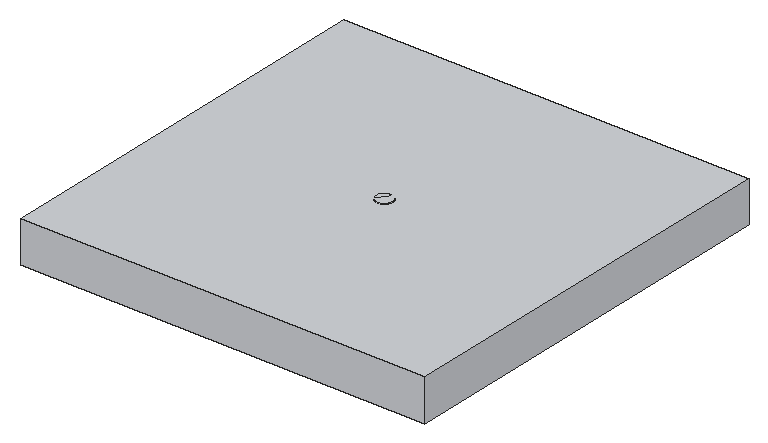
Revit family "M_Round Face Opening Solid", category Generic Models, host Face, Revit 2022
Family settings
  Host = Face
  Can host rebar = No
  Round Connector Dimension = Use Diameter
  Part Type = Normal
  OmniClass Number = 23.30.00.00
  OmniClass Title = Openings, Passages, Protection
  Cut with Voids When Loaded = Yes
  Maintain Annotation Orientation = No
  Shared = No
  Room Calculation Point = No
Parameters (values of type "Round Face Opening")
  Slope_Help [instance] = if(Face Offset_True = 0 cm, 0.2 cm, 0.1 cm)  # 0.2 cm
  Opening Elevation [instance] = 0 cm
  Opening Absolute Level [instance] = 0 cm
  MEP - Comment [instance] = ""
  Inspect [instance] = no
  Face Offset_Positive [instance] = if(Face Offset_True > 0 cm, Face Offset_True, 0 cm)  # 0 cm
  Face Offset_Negative [instance] = if(Face Offset_True < 0 cm, -Face Offset_True, 0 cm)  # 0 cm
  Face Offset_True [instance] = if(Slope = 0.00°, Face Offset, 0 cm)  # 0 cm
  Face Offset [instance] = 0 cm  # constant formula
  Top Length [instance] = if(Face Offset_True = 0 cm, if(or(Slope < -1.00°, Slope > 1.00°), Diameter_True / 2 * if(Angle > 90.00°, -tan(Slope), tan(Slope)), 0 cm), 0 cm)  # 0 cm
  Subcategory = "Cut Opening"  # constant formula
  Slope_T [instance] = if(and(not(Slope < 0.00°), Slope < 85.00°), Slope, 0.00°)  # 0.00°
  Slope [instance] = 0.00°  # constant formula
  Radius True [instance] = Diameter_True / 2  # 5 cm
  Radius [instance] = Diameter / 2  # 5 cm
  Opening Area [instance] = pi() * (Diameter / 2) ^ 2  # 0.00785398 m²
  Filled Region = no
  Lines [instance] = not(Filled Region)  # yes
  Diameter [instance] = if(D > 0.4 cm, D + 2 * Cut Offset, 0.4 cm)  # 10 cm
  Detail - Yes / No [instance] = no
  Description = "G"
  Depth [instance] = 25 cm
  Dashed Outline = no
  D(") [instance] = (D) / (2.54)  # 3.937 cm
  D Total [instance] = Diameter  # 10 cm
  D [instance] = 10 cm
  Depth_True [instance] = if(Depth + Face Offset_True > 0.2 cm, Depth + Face Offset_True, 0.2 cm)  # 25 cm
  Cut Offset Report [instance] = Cut Offset  # 0 cm
  Cut Offset [instance] = 0 cm  # constant formula
  Bottom Length [instance] = if(Face Offset_True = 0 cm, Depth_True / sin(if(or(Angle = 0.00°, Angle = 180.00°, Angle = 360.00°), 90.00°, Angle)) + if(or(Slope < -1.00°, Slope > 1.00°), Diameter_True / 2 * if(Angle > 90.00°, -tan(Slope), tan(Slope)), 0 cm), Depth_True)  # 25 cm
  Diameter_True [instance] = Diameter / sin(Angle)  # 10 cm
  Extrusion End [instance] = if(Depth > 0.2 cm, -Depth_True, -0.2 cm)  # -25 cm
  Default Elevation = 0 cm
  BPM_txt2 [instance] = ""
  BPM_txt1 [instance] = ""
  BPM_bool2 [instance] = no
  BPM_bool1 [instance] = no
  Assembly Code = ""
  Angle [instance] = 90.00° - Slope  # 90.00°
  ##Reference Level [instance] = ""
  ##Middle Elevation [instance] = 0 cm
Reference planes (cm)
  plane 1 "Center (Front/Back)": y = 0
  plane 2: z = 0
  plane 3 "Center (Left/Right)": x = 0
  plane 4: x = -5
  plane 5: x = 5
  plane 6: y = -5
  plane 7: y = 5
  plane 8 "Face Offset_Positive": z = 0
  plane 9 "Face Offset_Negative": z = 0
Forms (cm)
  Extrusion 1, solid
    sketch origin (0, 0, 0) x (1, 0, 0) y (0, 1, 0)
      loop
        line (-121.92, 121.92) -> (-121.92, -121.92) -> (121.92, -121.92) -> (121.92, 121.92) -> (-121.92, 121.92)
    from 0 to -25 <- "Extrusion End"
  Sweep 2, solid
    path in 3D
      loop
        line (0, 0, 0) -> (0, 0, -0.2) -> (0, 0, -25)
    profile origin (0, 0, -12.6) x (1, 0, 0) y (0, 1, 0)
      loop
        circle (0, 0) r 5
Lines and regions (cm)
  reference lines
    curve 1: line (0, 0, -0.2) -> (0, 0, 0)
    curve 2: line (0, 0, -0.2) -> (0, 0, -25)
  sketch lines
    curve 3: line (0, 0, -0.2) -> (0, 0, -25)
    curve 4: line (0, 0, -0.2) -> (0, 0, 0)
  symbolic lines
    curve 5: line (-3.5355, -3.5355, 0) -> (3.5355, 3.5355, 0)
    curve 6: line (-3.5355, 3.5355, 0) -> (3.5355, -3.5355, 0)
  symbolic lines, visible <- "Dashed Outline"
    curve 7: circle (0, 0, 0) r 5 normal (0, 0, 1)
Dimensions and locks (cm)
  equal spacing: plane 4, plane 3 "Center (Left/Right)", plane 5
  "Diameter": plane 4 to plane 5
  equal spacing: plane 7, plane 1 "Center (Front/Back)", plane 6
  "Diameter_True": plane 7 to plane 6
  "Bottom Length": plane 9 "Face Offset_Negative" to curve 2
  "Top Length": plane 9 "Face Offset_Negative" to curve 1
  locked: curve 5 to curve 2
  locked: curve 6 to curve 2
  "Face Offset_Positive": plane 8 "Face Offset_Positive" to plane 2
  "Face Offset_Negative": plane 8 "Face Offset_Positive" to plane 9 "Face Offset_Negative"
  "Slope_Help": plane 9 "Face Offset_Negative" to curve 1
  "Radius": radius of Sweep 2 sketch curve
  "Radius": radius of curve 7
  "Angle": angle curve 2 to level
  "Angle": angle curve 1 to level
  angle plane 1 "Center (Front/Back)" to curve 5 = 45.00°
  angle curve 6 to plane 1 "Center (Front/Back)" = 45.00°
  aligned and locked: plane 2 to Extrusion 1
  aligned and locked: level to Extrusion 1
  aligned and locked: plane 1 "Center (Front/Back)" to curve 2
  aligned and locked: plane 3 "Center (Left/Right)" to Sweep 2 sketch curve
  aligned and locked: plane 6 to nested 1
  aligned and locked: nested 2 to plane 4
  aligned and locked: plane 6 to nested 3
  aligned and locked: plane 6 to nested 4
  aligned and locked: nested 5 to plane 4
  aligned and locked: nested 6 to plane 4
  aligned and locked: nested 4 to plane 9 "Face Offset_Negative"
  aligned and locked: nested 3 to plane 9 "Face Offset_Negative"
  aligned and locked: nested 1 to plane 9 "Face Offset_Negative"
  aligned and locked: nested 5 to plane 9 "Face Offset_Negative"
  aligned and locked: nested 2 to plane 9 "Face Offset_Negative"
  aligned and locked: nested 6 to plane 9 "Face Offset_Negative"
  aligned and locked: plane 3 "Center (Left/Right)" to curve 7
  aligned and locked: plane 1 "Center (Front/Back)" to curve 7
Automatic sketch dimensions
  Extrusion 1 sketch curve to Extrusion 1 sketch curve = 243.84 cm  (x2)
  profile plane to Sweep 2 sketch curve = 0 cm
Nested families (cm)
  nested 1: "Opening Lines - Front/Side" at (0, -5, 0) x (0, 1, 0) z (1, 0, 0), Width_or_Height <- "Diameter_True", Depth <- "Depth_True", Angle <- "Angle", visible <- "Lines", type "Standard"
    with Width_or_Height_True 10 cm, Width_or_Height 10 cm, Test Angle q 36.00°, Test Angle p 225.00°, Side Length 25 cm, Region Visible yes, built-in parameter 1001306 0.32808 (stored number, unit not read), Diagonal q 26.9258 cm, Diagonal p 26.9258 cm, Depth_True 25 cm, Depth 25 cm, Coeff2 2.5, Coeff1 0.4, Angle_True 90.00°, Angle 90.00°
  nested 2: "Opening Region - Front/Side" at (-5, 0, 0) x (1, 0, 0) z (0, -1, 0), Width_or_Height <- "Diameter", Depth <- "Depth_True", visible <- "Filled Region", type "Standard"
    with Width_or_Height_True 10 cm, Width_or_Height 10 cm, Test Angle q 36.00°, Test Angle p 225.00°, Side Length 25 cm, Region Visible yes, built-in parameter 1001306 0.32808 (stored number, unit not read), Diagonal q 26.9258 cm, Diagonal p 26.9258 cm, Depth_True 25 cm, Depth 25 cm, Coeff2 2.5, Coeff1 0.4, Angle_True 90.00°, Angle 90.00°
  nested 3: "Opening Region - Front/Side" at (0, -5, 0) x (0, 1, 0) z (1, 0, 0), Angle <- "Angle", visible <- "Filled Region", Depth <- "Depth_True", Width_or_Height <- "Diameter_True", type "Standard"
    with Width_or_Height_True 10 cm, Width_or_Height 10 cm, Test Angle q 36.00°, Test Angle p 225.00°, Side Length 25 cm, Region Visible yes, built-in parameter 1001306 0.32808 (stored number, unit not read), Diagonal q 26.9258 cm, Diagonal p 26.9258 cm, Depth_True 25 cm, Depth 25 cm, Coeff2 2.5, Coeff1 0.4, Angle_True 90.00°, Angle 90.00°
  nested 4: "Opening Outlines - Front/Side" at (0, -5, 0) x (0, 1, 0) z (1, 0, 0), Width_or_Height <- "Diameter_True", Depth <- "Depth_True", Angle <- "Angle", visible <- "Dashed Outline", type "Standard"
    with Width_or_Height_True 10 cm, Width_or_Height 10 cm, Test Angle q 36.00°, Test Angle p 225.00°, Side Length 25 cm, Region Visible yes, built-in parameter 1001306 0.32808 (stored number, unit not read), Diagonal q 26.9258 cm, Diagonal p 26.9258 cm, Depth_True 25 cm, Depth 25 cm, Coeff2 2.5, Coeff1 0.4, Angle_True 90.00°, Angle 90.00°
  nested 5: "Opening Lines - Front/Side" at (-5, 0, 0) x (1, 0, 0) z (0, -1, 0), Width_or_Height <- "Diameter", Depth <- "Depth_True", visible <- "Lines", type "Standard"
    with Width_or_Height_True 10 cm, Width_or_Height 10 cm, Test Angle q 36.00°, Test Angle p 225.00°, Side Length 25 cm, Region Visible yes, built-in parameter 1001306 0.32808 (stored number, unit not read), Diagonal q 26.9258 cm, Diagonal p 26.9258 cm, Depth_True 25 cm, Depth 25 cm, Coeff2 2.5, Coeff1 0.4, Angle_True 90.00°, Angle 90.00°
  nested 6: "Opening Outlines - Front/Side" at (-5, 0, 0) x (1, 0, 0) z (0, -1, 0), Width_or_Height <- "Diameter", Depth <- "Depth_True", visible <- "Dashed Outline", type "Standard"
    with Width_or_Height_True 10 cm, Width_or_Height 10 cm, Test Angle q 36.00°, Test Angle p 225.00°, Side Length 25 cm, Region Visible yes, built-in parameter 1001306 0.32808 (stored number, unit not read), Diagonal q 26.9258 cm, Diagonal p 26.9258 cm, Depth_True 25 cm, Depth 25 cm, Coeff2 2.5, Coeff1 0.4, Angle_True 90.00°, Angle 90.00°
Definition of nested family "Opening Lines - Front/Side"
  Parameters
    Width_or_Height_True [instance] = if(Width_or_Height < 0.2 cm, 0.2 cm, if(or(0.5 * Diagonal q < 0.1 cm, 0.5 * Diagonal q < 0.1 cm), 0.2 cm, Width_or_Height))  # 2 cm
    Width_or_Height [instance] = 2 cm
    Test Angle q [instance] = Coeff1 * Angle  # 60.00°
    Test Angle p [instance] = Coeff2 * Angle  # 60.00°
    Side Length [instance] = Depth / sin(Angle)  # 2.3094 cm
    Region Visible [instance] = if(Angle < 20.00°, 1 = 0, if(or(Test Angle q < 3.00°, Test Angle p < 3.00°), 1 = 0, if(or(Width_or_Height < 0.2 cm, Depth < 0.2 cm), 1 = 0, if(or(0.5 * Diagonal q < 0.1 cm, 0.5 * Diagonal q < 0.1 cm), 1 = 0, 1 = 1))))  # yes
    built-in parameter 1001306 [instance] = Width_or_Height_True  # 0.065617 (stored number, unit not read)
    Diagonal q [instance] = if(Angle < 90.00°, sqrt(Side Length ^ 2 + Width_or_Height ^ 2 + 2 * Width_or_Height * Side Length * cos(Angle)), sqrt(Side Length ^ 2 + Width_or_Height ^ 2 - 2 * Width_or_Height * Side Length * cos(Angle)))  # 3.7353 cm
    Diagonal p [instance] = if(Angle < 90.00°, sqrt(Side Length ^ 2 + Width_or_Height ^ 2 - 2 * Width_or_Height * Side Length * cos(Angle)), sqrt(Side Length ^ 2 + Width_or_Height ^ 2 + 2 * Width_or_Height * Side Length * cos(Angle)))  # 2.1713 cm
    Depth_True [instance] = if(or(Test Angle q < 2.00°, Test Angle p < 2.00°), Width_or_Height, if(Depth < 0.2 cm, 0.2 cm, if(or(0.5 * Diagonal q < 0.1 cm, 0.5 * Diagonal q < 0.1 cm), Width_or_Height_True, Depth)))  # 2 cm
    Depth [instance] = 2 cm
    Coeff2 [instance] = Depth / Width_or_Height  # 1
    Coeff1 [instance] = Width_or_Height / Depth  # 1
    Angle_True [instance] = if(Angle < 20.00°, 90.00°, if(or(Test Angle q < 3.00°, Test Angle p < 3.00°), 90.00°, if(or(0.5 * Diagonal q < 0.1 cm, 0.5 * Diagonal q < 0.1 cm), 90.00°, Angle)))  # 60.00°
    Angle [instance] = 60.00°
  Reference planes (cm)
    plane 1 "Center (Front/Back)": y = 0
    plane 2: z = 0
    plane 3 "Left": x = 0
    plane 4 "Right": x = 2
    plane 5: y = -2
  Lines and regions (cm)
    reference lines, in view "Ref. Level"
      curve 1: line (0, 0, 0) -> (2, 0, 0)
      curve 2: line (2, 0, 0) -> (0.8453, -2, 0)
      curve 3: line (0, 0, 0) -> (-1.1547, -2, 0)
      curve 4: line (0, 0, 0) -> (0.8453, -2, 0)
      curve 5: line (-1.1547, -2, 0) -> (2, 0, 0)
    detail lines, in view "Ref. Level"
      curve 6: line (2, 0, 0) -> (-1.1547, -2, 0)
      curve 7: line (0, 0, 0) -> (0.8453, -2, 0)
  Dimensions and locks (cm)
    plane 3 "Left" to plane 4 "Right" = 2 cm
    "Depth_True": plane 1 "Center (Front/Back)" to plane 5
    "Width_or_Height_True": plane 3 "Left" to plane 4 "Right"
    "Angle_True": angle plane 5 to curve 2
    "Angle_True": angle plane 5 to curve 3
    aligned and locked: plane 4 "Right" to curve 1
    aligned and locked: plane 3 "Left" to curve 1
    aligned and locked: plane 5 to curve 2
    aligned and locked: plane 1 "Center (Front/Back)" to curve 1
    aligned and locked: curve 5 to curve 6
    aligned and locked: curve 7 to curve 4  (x2)
    aligned and locked: curve 6 to curve 5
  Automatic sketch dimensions
    curve 5 to plane 5 = 0 cm
    curve 6 to plane 5 = 0 cm
    plane 1 "Center (Front/Back)" to curve 7 = 0 cm
    curve 7 to plane 5 = 0 cm
    plane 1 "Center (Front/Back)" to curve 6 = 0 cm
Definition of nested family "Opening Region - Front/Side"
  Parameters
    Width_or_Height_True [instance] = if(Width_or_Height < 0.2 cm, 0.2 cm, if(or(0.5 * Diagonal q < 0.1 cm, 0.5 * Diagonal q < 0.1 cm), 0.2 cm, Width_or_Height))  # 10 cm
    Width_or_Height [instance] = 10 cm
    Test Angle q [instance] = Coeff1 * Angle  # 40.00°
    Test Angle p [instance] = Coeff2 * Angle  # 160.00°
    Side Length [instance] = Depth / sin(Angle)  # 20.3085 cm
    Region Visible [instance] = if(Angle < 20.00°, 1 = 0, if(or(Test Angle q < 3.00°, Test Angle p < 3.00°), 1 = 0, if(or(Width_or_Height < 0.2 cm, Depth < 0.2 cm), 1 = 0, if(or(0.5 * Diagonal q < 0.1 cm, 0.5 * Diagonal q < 0.1 cm), 1 = 0, 1 = 1))))  # yes
    built-in parameter 1001306 [instance] = Width_or_Height_True  # 0.32808 (stored number, unit not read)
    Diagonal q [instance] = if(Angle < 90.00°, sqrt(Side Length ^ 2 + Width_or_Height ^ 2 + 2 * Width_or_Height * Side Length * cos(Angle)), sqrt(Side Length ^ 2 + Width_or_Height ^ 2 - 2 * Width_or_Height * Side Length * cos(Angle)))  # 24.1447 cm
    Diagonal p [instance] = if(Angle < 90.00°, sqrt(Side Length ^ 2 + Width_or_Height ^ 2 - 2 * Width_or_Height * Side Length * cos(Angle)), sqrt(Side Length ^ 2 + Width_or_Height ^ 2 + 2 * Width_or_Height * Side Length * cos(Angle)))  # 21.0216 cm
    Depth_True [instance] = if(or(Test Angle q < 2.00°, Test Angle p < 2.00°), Width_or_Height, if(Depth < 0.2 cm, 0.2 cm, if(or(0.5 * Diagonal q < 0.1 cm, 0.5 * Diagonal q < 0.1 cm), Width_or_Height_True, Depth)))  # 20 cm
    Depth [instance] = 20 cm
    Coeff2 [instance] = Depth / Width_or_Height  # 2
    Coeff1 [instance] = Width_or_Height / Depth  # 0.5
    Angle_True [instance] = if(Angle < 20.00°, 90.00°, if(or(Test Angle q < 3.00°, Test Angle p < 3.00°), 90.00°, if(or(0.5 * Diagonal q < 0.1 cm, 0.5 * Diagonal q < 0.1 cm), 90.00°, Angle)))  # 80.00°
    Angle [instance] = 80.00°
  Reference planes (cm)
    plane 1 "Center (Front/Back)": y = 0
    plane 2: z = 0
    plane 3 "Left": x = 0
    plane 4 "Right": x = 10
    plane 5: y = -20
  Lines and regions (cm)
    Filled region 1, type "Solid Fill - Black", in view "Ref. Level", visible <- "Region Visible"
      outline origin (0, 0, 0) x (1, 0, 0) y (0, 1, 0)
        loop
          line (10, 0) -> (3.2367, -10) -> (6.4735, -20) -> (10, 0)
    Filled region 2, type "Solid Fill - Black", in view "Ref. Level", visible <- "Region Visible"
      outline origin (0, 0, 0) x (1, 0, 0) y (0, 1, 0)
        loop
          line (0, 0) -> (-3.5265, -20) -> (3.2367, -10) -> (0, 0)
    reference lines, in view "Ref. Level"
      curve 1: line (0, 0, 0) -> (10, 0, 0)
      curve 2: line (10, 0, 0) -> (6.4735, -20, 0)
      curve 3: line (0, 0, 0) -> (-3.5265, -20, 0)
      curve 4: line (0, 0, 0) -> (6.4735, -20, 0)
      curve 5: line (-3.5265, -20, 0) -> (10, 0, 0)
  Dimensions and locks (cm)
    plane 3 "Left" to plane 4 "Right" = 10 cm
    "Depth_True": plane 1 "Center (Front/Back)" to plane 5
    "Width_or_Height_True": plane 3 "Left" to plane 4 "Right"
    "Angle_True": angle plane 5 to curve 2
    "Angle_True": angle plane 5 to curve 3
    aligned and locked: plane 4 "Right" to curve 1
    aligned and locked: plane 3 "Left" to curve 1
    aligned and locked: plane 5 to curve 2
    aligned and locked: plane 1 "Center (Front/Back)" to curve 1
    aligned and locked: Filled region 2 sketch curve to curve 3
    aligned and locked: Filled region 2 sketch curve to curve 5
    aligned and locked: Filled region 2 sketch curve to curve 4
    aligned and locked: Filled region 1 sketch curve to curve 5
    aligned and locked: Filled region 1 sketch curve to curve 4
    aligned and locked: Filled region 1 sketch curve to curve 2
  Automatic sketch dimensions
    curve 5 to plane 5 = 0 cm
Definition of nested family "Opening Outlines - Front/Side"
  Parameters (values of type "Standard")
    Width_or_Height_True [instance] = if(Width_or_Height < 0.2 cm, 0.2 cm, if(or(0.5 * Diagonal q < 0.1 cm, 0.5 * Diagonal q < 0.1 cm), 0.2 cm, Width_or_Height))  # 2 cm
    Width_or_Height [instance] = 2 cm
    Test Angle q [instance] = Coeff1 * Angle  # 60.00°
    Test Angle p [instance] = Coeff2 * Angle  # 60.00°
    Side Length [instance] = Depth / sin(Angle)  # 2.3094 cm
    Region Visible [instance] = if(Angle < 20.00°, 1 = 0, if(or(Test Angle q < 3.00°, Test Angle p < 3.00°), 1 = 0, if(or(Width_or_Height < 0.2 cm, Depth < 0.2 cm), 1 = 0, if(or(0.5 * Diagonal q < 0.1 cm, 0.5 * Diagonal q < 0.1 cm), 1 = 0, 1 = 1))))  # yes
    built-in parameter 1001306 [instance] = Width_or_Height_True  # 0.065617 (stored number, unit not read)
    Diagonal q [instance] = if(Angle < 90.00°, sqrt(Side Length ^ 2 + Width_or_Height ^ 2 + 2 * Width_or_Height * Side Length * cos(Angle)), sqrt(Side Length ^ 2 + Width_or_Height ^ 2 - 2 * Width_or_Height * Side Length * cos(Angle)))  # 3.7353 cm
    Diagonal p [instance] = if(Angle < 90.00°, sqrt(Side Length ^ 2 + Width_or_Height ^ 2 - 2 * Width_or_Height * Side Length * cos(Angle)), sqrt(Side Length ^ 2 + Width_or_Height ^ 2 + 2 * Width_or_Height * Side Length * cos(Angle)))  # 2.1713 cm
    Depth_True [instance] = if(or(Test Angle q < 2.00°, Test Angle p < 2.00°), Width_or_Height, if(Depth < 0.2 cm, 0.2 cm, if(or(0.5 * Diagonal q < 0.1 cm, 0.5 * Diagonal q < 0.1 cm), Width_or_Height_True, Depth)))  # 2 cm
    Depth [instance] = 2 cm
    Coeff2 [instance] = Depth / Width_or_Height  # 1
    Coeff1 [instance] = Width_or_Height / Depth  # 1
    Angle_True [instance] = if(Angle < 20.00°, 90.00°, if(or(Test Angle q < 3.00°, Test Angle p < 3.00°), 90.00°, if(or(0.5 * Diagonal q < 0.1 cm, 0.5 * Diagonal q < 0.1 cm), 90.00°, Angle)))  # 60.00°
    Angle [instance] = 60.00°
  Reference planes (cm)
    plane 1 "Center (Front/Back)": y = 0
    plane 2: z = 0
    plane 3 "Left": x = 0
    plane 4 "Right": x = 2
    plane 5: y = -2
  Lines and regions (cm)
    reference lines, in view "Ref. Level"
      curve 1: line (0, 0, 0) -> (2, 0, 0)
      curve 2: line (2, 0, 0) -> (0.8453, -2, 0)
      curve 3: line (0, 0, 0) -> (-1.1547, -2, 0)
    detail lines, in view "Ref. Level"
      curve 4: line (-1.1547, -2, 0) -> (0, 0, 0)
      curve 5: line (0, 0, 0) -> (2, 0, 0)
      curve 6: line (2, 0, 0) -> (0.8453, -2, 0)
      curve 7: line (0.8453, -2, 0) -> (-1.1547, -2, 0)
  Dimensions and locks (cm)
    plane 3 "Left" to plane 4 "Right" = 2 cm
    "Depth_True": plane 1 "Center (Front/Back)" to plane 5
    "Width_or_Height_True": plane 3 "Left" to plane 4 "Right"
    "Angle_True": angle plane 5 to curve 2
    "Angle_True": angle plane 5 to curve 3
    aligned and locked: plane 4 "Right" to curve 1
    aligned and locked: plane 3 "Left" to curve 1
    aligned and locked: plane 5 to curve 2
    aligned and locked: plane 1 "Center (Front/Back)" to curve 1
    aligned and locked: curve 2 to curve 6
    aligned and locked: plane 1 "Center (Front/Back)" to curve 5
    aligned and locked: plane 5 to curve 7
    aligned and locked: curve 4 to curve 3
